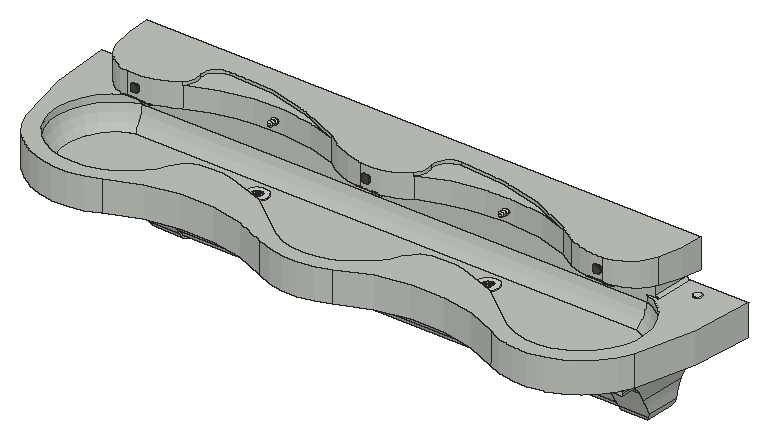
Revit family "Lavatory-Bradley_Corp-Express-MG3", category Plumbing Fixtures, Revit 2012 (continued)
Automatic sketch dimensions
  curve 22 to plane 1 "Center (Front/Back)" = 1.5409"
  curve 40 to curve 22 = 0.76256"
  curve 41 to curve 22 = 0.10475"
  curve 23 to curve 22 = 0.000"
  curve 7 to plane 1 "Center (Front/Back)" = 1.500"
  curve 41 to curve 7 = 0.8829"
  plane 11 to curve 40 = 4.85242"
  curve 40 to curve 9 = 1.89309"
  plane 11 to curve 35 = 3.06452"
  curve 45 to plane 1 "Center (Front/Back)" = 2.500"
  curve 43 to plane 1 "Center (Front/Back)" = 2.500"
  curve 22 to curve 11 = 0.78138"
  Extrusion 1 sketch curve to curve 1 = 13.01224"
  Extrusion 1 sketch curve to Extrusion 1 sketch curve = 0.83444"
  Extrusion 1 sketch curve to Extrusion 1 sketch curve = 1.51939"
  Extrusion 1 sketch curve to Extrusion 1 sketch curve = 4.94377"
  Extrusion 1 sketch curve to Extrusion 1 sketch curve = 3.64691"
  Extrusion 1 sketch curve to Extrusion 1 sketch curve = 2.96196"
  Extrusion 1 sketch curve to Extrusion 1 sketch curve = 1.31804"  (x2)
  Extrusion 1 sketch curve to Extrusion 1 sketch curve = 0.000"  (x5)
  Extrusion 1 sketch curve to curve 1 = 3.96049"
  Extrusion 1 sketch curve to curve 1 = 3.95728"
  Extrusion 1 sketch curve to curve 1 = 3.30187"
  Extrusion 1 sketch curve to curve 1 = 3.30112"
  Extrusion 1 sketch curve to curve 1 = 2.4491"
  Extrusion 1 sketch curve to curve 1 = 1.5409"  (x2)
  Extrusion 1 sketch curve to curve 1 = 1.49012"
  curve 1 to Extrusion 1 sketch curve = 16.53623"  (x2)
  curve 1 to Extrusion 1 sketch curve = 24.02795"
  Extrusion 1 sketch curve to curve 1 = 17.63661"
  Extrusion 1 sketch curve to Extrusion 1 sketch curve = 0.77815"
  curve 1 to Extrusion 1 sketch curve = 3.36339"
  Extrusion 1 sketch curve to Extrusion 1 sketch curve = 5.83523"
  Extrusion 1 sketch curve to curve 1 = 8.49224"
  Extrusion 1 sketch curve to curve 1 = 2.63661"
  Extrusion 1 sketch curve to curve 1 = 1.63661"
  Extrusion 2 sketch curve to plane 1 "Center (Front/Back)" = 0.750"
  Extrusion 2 sketch curve to Extrusion 2 sketch curve = 0.76262"
  Extrusion 2 sketch curve to Extrusion 2 sketch curve = 0.25538"
  Extrusion 2 sketch curve to Extrusion 2 sketch curve = 0.0263"
  plane 6 to Extrusion 2 sketch curve = 2.25352"
  Extrusion 2 sketch curve to Extrusion 2 sketch curve = 3.47673"
  plane 10 to Extrusion 2 sketch curve = 0.000"
  plane 10 to Extrusion 2 sketch curve = 0.750"
  plane 6 to Extrusion 2 sketch curve = 1.750"
  plane 6 to Extrusion 2 sketch curve = 0.500"
  Extrusion 2 sketch curve to Extrusion 2 sketch curve = 2.05769"
  Extrusion 2 sketch curve to Extrusion 2 sketch curve = 0.19231"
  curve 3 to plane 3 "Center (Left/Right)" = 0.000"
  curve 1 to plane 3 "Center (Left/Right)" = 18.52036"
  plane 6 to curve 2 = 1.1652"
  curve 2 to curve 1 = 11.48023"
  plane 3 "Center (Left/Right)" to curve 1 = 16.47964"
  plane 6 to curve 4 = 2.55314"
  curve 4 to plane 8 = 12.00059"
  plane 6 to curve 4 = 1.14859"
  plane 6 to curve 3 = 1.16525"
  curve 2 to curve 2 = 1.38794"
  curve 3 to curve 3 = 1.42242"
  Extrusion 3 sketch curve to curve 1 = 0.39364"  (x2)
  Extrusion 3 sketch curve to curve 1 = 15.86454"
  Extrusion 3 sketch curve to Extrusion 3 sketch curve = 0.03836"
  Extrusion 3 sketch curve to Extrusion 3 sketch curve = 0.6136"  (x2)
  Extrusion 3 sketch curve to Extrusion 3 sketch curve = 0.64155"
  Extrusion 3 sketch curve to curve 1 = 1.32853"
  curve 1 to Extrusion 3 sketch curve = 16.86821"
  Extrusion 3 sketch curve to Extrusion 3 sketch curve = 0.02795"
  Extrusion 3 sketch curve to Extrusion 3 sketch curve = 0.35714"
  Extrusion 3 sketch curve to Extrusion 3 sketch curve = 0.9349"
  Extrusion 3 sketch curve to Extrusion 3 sketch curve = 0.5455"
  Extrusion 4 sketch curve to plane 1 "Center (Front/Back)" = 4.72881"
  plane 9 to Extrusion 4 sketch curve = 15.29413"
  Extrusion 4 sketch curve to Extrusion 4 sketch curve = 1.47211"
  Extrusion 4 sketch curve to Extrusion 4 sketch curve = 1.95345"
  Extrusion 4 sketch curve to Extrusion 4 sketch curve = 0.000"  (x4)
  Extrusion 4 sketch curve to Extrusion 4 sketch curve = 1.84951"  (x2)
  Extrusion 4 sketch curve to Extrusion 4 sketch curve = 0.05564"  (x2)
  Extrusion 4 sketch curve to plane 11 = 13.02695"
  Extrusion 4 sketch curve to plane 3 "Center (Left/Right)" = 22.0126"
  Extrusion 4 sketch curve to plane 11 = 5.53623"  (x2)
  Extrusion 4 sketch curve to Extrusion 4 sketch curve = 6.85563"  (x2)
  plane 3 "Center (Left/Right)" to Extrusion 4 sketch curve = 3.29442"
  Extrusion 4 sketch curve to Extrusion 4 sketch curve = 1.47329"
  Extrusion 4 sketch curve to Extrusion 4 sketch curve = 1.95317"
  plane 3 "Center (Left/Right)" to Extrusion 4 sketch curve = 7.9874"
  Extrusion 4 sketch curve to plane 1 "Center (Front/Back)" = 3.96049"
  Extrusion 4 sketch curve to Extrusion 4 sketch curve = 16.34748"
  Extrusion 5 sketch curve to Extrusion 5 sketch curve = 0.000"  (x12)
  Extrusion 5 sketch curve to curve 1 = 10.99738"
  Extrusion 5 sketch curve to curve 1 = 10.99334"
  Extrusion 5 sketch curve to curve 1 = 5.98199"
  Extrusion 5 sketch curve to Extrusion 5 sketch curve = 0.05386"
  Extrusion 5 sketch curve to curve 1 = 1.64012"
  curve 1 to Extrusion 5 sketch curve = 0.30755"
  curve 1 to Extrusion 5 sketch curve = 0.31415"
  Extrusion 5 sketch curve to Extrusion 5 sketch curve = 0.49261"
  curve 1 to Extrusion 5 sketch curve = 0.86485"
  Extrusion 5 sketch curve to Extrusion 5 sketch curve = 0.00072"
  Extrusion 5 sketch curve to Extrusion 5 sketch curve = 0.55834"
  Extrusion 5 sketch curve to Extrusion 5 sketch curve = 0.34499"
  Extrusion 5 sketch curve to Extrusion 5 sketch curve = 0.37828"
  curve 1 to Extrusion 5 sketch curve = 1.3905"
  curve 1 to Extrusion 5 sketch curve = 1.42462"
  curve 1 to Extrusion 5 sketch curve = 1.62174"  (x2)
  Extrusion 5 sketch curve to Extrusion 5 sketch curve = 0.964"
  Extrusion 5 sketch curve to Extrusion 5 sketch curve = 1.00136"
  curve 1 to Extrusion 5 sketch curve = 3.24354"  (x2)
  curve 1 to Extrusion 5 sketch curve = 4.2011"
  curve 1 to Extrusion 5 sketch curve = 4.28147"
  curve 1 to Extrusion 5 sketch curve = 4.28398"
  Extrusion 5 sketch curve to Extrusion 5 sketch curve = 2.02188"
  Extrusion 5 sketch curve to Extrusion 5 sketch curve = 2.17396"
  Extrusion 5 sketch curve to Extrusion 5 sketch curve = 2.30968"
  Extrusion 5 sketch curve to Extrusion 5 sketch curve = 1.86611"
  Extrusion 5 sketch curve to Extrusion 5 sketch curve = 1.83341"
  Extrusion 5 sketch curve to Extrusion 5 sketch curve = 3.40207"
  Extrusion 5 sketch curve to Extrusion 5 sketch curve = 4.56507"  (x2)
  Extrusion 5 sketch curve to Extrusion 5 sketch curve = 3.43223"
  curve 1 to Extrusion 5 sketch curve = 7.93548"  (x2)
  Extrusion 5 sketch curve to Extrusion 5 sketch curve = 1.31286"
  Extrusion 5 sketch curve to Extrusion 5 sketch curve = 2.01968"
  Extrusion 5 sketch curve to Extrusion 5 sketch curve = 2.02054"
  Extrusion 5 sketch curve to Extrusion 5 sketch curve = 2.02088"
  Extrusion 5 sketch curve to Extrusion 5 sketch curve = 3.26046"
  curve 1 to Extrusion 5 sketch curve = 10.42325"  (x2)
  curve 1 to Extrusion 5 sketch curve = 29.29574"
  curve 1 to Extrusion 5 sketch curve = 29.29634"
  Extrusion 5 sketch curve to Extrusion 5 sketch curve = 5.74908"
  curve 1 to Extrusion 5 sketch curve = 35.04481"
  curve 1 to Extrusion 5 sketch curve = 54.64779"  (x2)
  Extrusion 5 sketch curve to curve 1 = 23.47954"
  Extrusion 5 sketch curve to Extrusion 5 sketch curve = 2.49612"
  Extrusion 5 sketch curve to Extrusion 5 sketch curve = 6.17004"
  Extrusion 5 sketch curve to Extrusion 5 sketch curve = 5.08265"
  Extrusion 5 sketch curve to curve 1 = 12.1249"
  Extrusion 5 sketch curve to Extrusion 5 sketch curve = 0.14358"
  Extrusion 5 sketch curve to curve 1 = 11.31008"
  Extrusion 5 sketch curve to curve 1 = 2.36429"
  Extrusion 5 sketch curve to curve 1 = 0.88772"
  Extrusion 5 sketch curve to Extrusion 5 sketch curve = 12.00003"
  Extrusion 5 sketch curve to Extrusion 5 sketch curve = 1.11363"
  curve 1 to Extrusion 5 sketch curve = 17.8751"
  Extrusion 5 sketch curve to Extrusion 5 sketch curve = 14.83044"
  Extrusion 5 sketch curve to Extrusion 5 sketch curve = 1.1704"
  Extrusion 5 sketch curve to Extrusion 5 sketch curve = 1.60315"
  Extrusion 5 sketch curve to Extrusion 5 sketch curve = 0.01727"
  Extrusion 6 sketch curve to curve 1 = 10.99738"
  Extrusion 6 sketch curve to curve 1 = 10.99334"
  curve 1 to Extrusion 6 sketch curve = 0.80676"
  curve 1 to Extrusion 6 sketch curve = 0.86485"
  curve 1 to Extrusion 6 sketch curve = 0.86588"
  curve 1 to Extrusion 6 sketch curve = 4.28147"
  curve 1 to Extrusion 6 sketch curve = 4.28398"
  curve 1 to Extrusion 6 sketch curve = 9.82829"
  Extrusion 6 sketch curve to Extrusion 6 sketch curve = 0.000"  (x4)
  curve 1 to Extrusion 6 sketch curve = 9.82915"
  Extrusion 6 sketch curve to Extrusion 6 sketch curve = 0.00034"
  curve 1 to Extrusion 6 sketch curve = 9.82953"
  curve 1 to Extrusion 6 sketch curve = 29.29574"
  curve 1 to Extrusion 6 sketch curve = 29.29634"
  Extrusion 6 sketch curve to curve 1 = 23.47954"
  Extrusion 6 sketch curve to Extrusion 6 sketch curve = 2.49612"
  Extrusion 6 sketch curve to Extrusion 6 sketch curve = 9.53592"
  Extrusion 6 sketch curve to Extrusion 6 sketch curve = 12.00003"
  Sweep 7 sketch curve to Sweep 7 sketch curve = 0.000"  (x8)
  Sweep 7 sketch curve to curve 1 = 5.98199"
  Sweep 7 sketch curve to Sweep 7 sketch curve = 0.05386"
  Sweep 7 sketch curve to curve 1 = 1.64012"
  curve 1 to Sweep 7 sketch curve = 0.30755"
  curve 1 to Sweep 7 sketch curve = 0.31415"
  curve 1 to Sweep 7 sketch curve = 0.86557"
  Sweep 7 sketch curve to Sweep 7 sketch curve = 0.34428"
  Sweep 7 sketch curve to Sweep 7 sketch curve = 0.93661"
  curve 1 to Sweep 7 sketch curve = 1.3905"
  curve 1 to Sweep 7 sketch curve = 1.42462"
  curve 1 to Sweep 7 sketch curve = 1.62174"  (x2)
  Sweep 7 sketch curve to Sweep 7 sketch curve = 0.964"
  Sweep 7 sketch curve to Sweep 7 sketch curve = 1.00136"
  curve 1 to Sweep 7 sketch curve = 3.24354"  (x2)
  curve 1 to Sweep 7 sketch curve = 4.2011"
  Sweep 7 sketch curve to Sweep 7 sketch curve = 2.02188"
  Sweep 7 sketch curve to Sweep 7 sketch curve = 2.17396"
  Sweep 7 sketch curve to Sweep 7 sketch curve = 2.30968"
  curve 1 to Sweep 7 sketch curve = 6.14758"
  Sweep 7 sketch curve to Sweep 7 sketch curve = 1.83341"
  Sweep 7 sketch curve to Sweep 7 sketch curve = 6.44189"
  Sweep 7 sketch curve to Sweep 7 sketch curve = 4.56507"  (x2)
  Sweep 7 sketch curve to Sweep 7 sketch curve = 3.43223"
  curve 1 to Sweep 7 sketch curve = 7.93548"  (x2)
  Sweep 7 sketch curve to Sweep 7 sketch curve = 1.31286"
  curve 1 to Sweep 7 sketch curve = 10.42325"  (x2)
  curve 1 to Sweep 7 sketch curve = 35.04481"  (x2)
  curve 1 to Sweep 7 sketch curve = 54.64779"  (x2)
  Sweep 7 sketch curve to curve 1 = 17.3095"
  Sweep 7 sketch curve to Sweep 7 sketch curve = 1.40873"
  Sweep 7 sketch curve to curve 1 = 12.1249"
  Sweep 7 sketch curve to curve 1 = 11.31008"
  Sweep 7 sketch curve to curve 1 = 2.36429"
  Sweep 7 sketch curve to curve 1 = 0.88772"
  Sweep 7 sketch curve to Sweep 7 sketch curve = 3.21048"
  curve 1 to Sweep 7 sketch curve = 17.8751"
  Sweep 7 sketch curve to curve 1 = 16.31007"
  Sweep 7 sketch curve to Sweep 7 sketch curve = 1.1704"
  Sweep 7 sketch curve to Sweep 7 sketch curve = 1.60315"
  Sweep 7 sketch curve to Sweep 7 sketch curve = 4.27553"
  profile plane to Sweep 7 sketch curve = 0.07164"
  Sweep 7 sketch curve to profile plane = 1.67836"
  curve 1 to Extrusion 8 sketch curve = 3.97351"
  Extrusion 8 sketch curve to curve 1 = 20.60845"
  Extrusion 8 sketch curve to Extrusion 8 sketch curve = 0.250"  (x2)
  Extrusion 8 sketch curve to Extrusion 8 sketch curve = 0.54351"  (x2)
  curve 1 to Extrusion 8 sketch curve = 4.47351"
  Extrusion 8 sketch curve to Extrusion 8 sketch curve = 7.48173"  (x2)
  curve 1 to Extrusion 8 sketch curve = 14.37392"
  Extrusion 9 sketch curve to plane 4 = 0.000"
  Extrusion 9 sketch curve to plane 10 = 2.18677"
  Extrusion 9 sketch curve to Extrusion 9 sketch curve = 0.31799"
  plane 4 to Extrusion 9 sketch curve = 1.12227"
  Extrusion 9 sketch curve to Extrusion 9 sketch curve = 1.66384"
  Extrusion 9 sketch curve to plane 1 "Center (Front/Back)" = 3.14326"
  Extrusion 9 sketch curve to Extrusion 9 sketch curve = 0.000"  (x2)
  plane 1 "Center (Front/Back)" to Extrusion 9 sketch curve = 2.06205"
  plane 5 to Extrusion 9 sketch curve = 0.73419"
  plane 1 "Center (Front/Back)" to Extrusion 9 sketch curve = 2.36538"
  Extrusion 9 sketch curve to Extrusion 9 sketch curve = 1.96071"
  Extrusion 9 sketch curve to plane 5 = 0.47325"
  Extrusion 9 sketch curve to Extrusion 9 sketch curve = 0.84716"
  plane 11 to Extrusion 9 sketch curve = 2.00758"
  plane 11 to Extrusion 9 sketch curve = 0.92634"
  Extrusion 9 sketch curve to plane 11 = 6.53219"
  Extrusion 10 sketch curve to plane 4 = 0.000"
  Extrusion 10 sketch curve to plane 4 = 1.7467"
  Extrusion 10 sketch curve to plane 9 = 7.96969"
  plane 4 to Extrusion 10 sketch curve = 0.39748"
  Extrusion 10 sketch curve to plane 9 = 1.94893"
  Extrusion 10 sketch curve to plane 5 = 0.47325"
  plane 9 to Extrusion 10 sketch curve = 1.9446"
  Extrusion 10 sketch curve to Extrusion 10 sketch curve = 2.000"
  Extrusion 10 sketch curve to plane 5 = 3.09775"
  Extrusion 10 sketch curve to Extrusion 10 sketch curve = 2.37739"
  Extrusion 10 sketch curve to Extrusion 10 sketch curve = 0.000"  (x2)
  plane 4 to Extrusion 10 sketch curve = 1.62469"
  plane 4 to Extrusion 10 sketch curve = 0.25803"
  Extrusion 10 sketch curve to Extrusion 10 sketch curve = 1.01533"
  Extrusion 10 sketch curve to Extrusion 10 sketch curve = 0.84398"
  plane 4 to Extrusion 10 sketch curve = 2.01899"
  Extrusion 11 sketch curve to plane 4 = 0.000"
  Extrusion 11 sketch curve to plane 10 = 0.000"
  Extrusion 11 sketch curve to plane 10 = 2.18677"
  Extrusion 11 sketch curve to Extrusion 11 sketch curve = 0.31799"
  plane 4 to Extrusion 11 sketch curve = 1.12227"
  Extrusion 11 sketch curve to Extrusion 11 sketch curve = 1.66384"
  Extrusion 11 sketch curve to plane 1 "Center (Front/Back)" = 3.14326"
  Extrusion 11 sketch curve to Extrusion 11 sketch curve = 0.000"  (x2)
  plane 1 "Center (Front/Back)" to Extrusion 11 sketch curve = 2.06205"
  plane 5 to Extrusion 11 sketch curve = 0.73419"
  plane 1 "Center (Front/Back)" to Extrusion 11 sketch curve = 2.36538"
  Extrusion 11 sketch curve to Extrusion 11 sketch curve = 1.96071"
  Extrusion 11 sketch curve to plane 5 = 0.47325"
  Extrusion 11 sketch curve to Extrusion 11 sketch curve = 0.84716"
  plane 11 to Extrusion 11 sketch curve = 2.00758"
  plane 11 to Extrusion 11 sketch curve = 0.92634"
  Extrusion 11 sketch curve to plane 11 = 6.53219"
  Extrusion 12 sketch curve to plane 4 = 0.000"
  plane 4 to Extrusion 12 sketch curve = 1.7467"
  Extrusion 12 sketch curve to plane 8 = 7.96969"
  Extrusion 12 sketch curve to plane 4 = 0.39748"
  Extrusion 12 sketch curve to plane 8 = 1.94893"
  plane 5 to Extrusion 12 sketch curve = 0.47325"
  plane 8 to Extrusion 12 sketch curve = 1.9446"
  Extrusion 12 sketch curve to Extrusion 12 sketch curve = 2.000"
  plane 5 to Extrusion 12 sketch curve = 3.09775"
  Extrusion 12 sketch curve to Extrusion 12 sketch curve = 2.37739"
  Extrusion 12 sketch curve to Extrusion 12 sketch curve = 0.000"  (x2)
  Extrusion 12 sketch curve to plane 4 = 1.62469"
  Extrusion 12 sketch curve to plane 4 = 0.25803"
  Extrusion 12 sketch curve to Extrusion 12 sketch curve = 1.01533"
  Extrusion 12 sketch curve to Extrusion 12 sketch curve = 0.84398"
  Extrusion 12 sketch curve to plane 4 = 2.01899"
  plane 4 to Extrusion 13 sketch curve = 0.200"
  Extrusion 13 sketch curve to Extrusion 13 sketch curve = 1.88307"
  Extrusion 13 sketch curve to Extrusion 13 sketch curve = 0.3037"
  plane 4 to Extrusion 13 sketch curve = 1.4339"
  Extrusion 13 sketch curve to Extrusion 13 sketch curve = 1.91522"
  Extrusion 13 sketch curve to plane 1 "Center (Front/Back)" = 3.28328"
  Extrusion 13 sketch curve to Extrusion 13 sketch curve = 0.000"  (x2)
  plane 1 "Center (Front/Back)" to Extrusion 13 sketch curve = 1.98209"
  plane 5 to Extrusion 13 sketch curve = 0.73419"
  plane 1 "Center (Front/Back)" to Extrusion 13 sketch curve = 2.36538"
  Extrusion 13 sketch curve to Extrusion 13 sketch curve = 0.64419"
  Extrusion 13 sketch curve to plane 5 = 0.47351"
  Extrusion 13 sketch curve to Extrusion 13 sketch curve = 2.01944"
  plane 11 to Extrusion 13 sketch curve = 2.00758"
  plane 11 to Extrusion 13 sketch curve = 0.92634"
  Extrusion 13 sketch curve to plane 11 = 6.53219"
  Extrusion 14 sketch curve to curve 1 = 11.97964"
  Extrusion 14 sketch curve to Extrusion 14 sketch curve = 0.320"  (x9)
  Extrusion 14 sketch curve to Extrusion 14 sketch curve = 0.360"  (x8)
  Extrusion 14 sketch curve to curve 1 = 4.14627"
  Extrusion 14 sketch curve to curve 1 = 16.97964"
  Extrusion 14 sketch curve to curve 1 = 3.78627"
  curve 1 to Extrusion 14 sketch curve = 13.02036"
  Extrusion 14 sketch curve to Extrusion 14 sketch curve = 0.680"
  Extrusion 14 sketch curve to curve 1 = 3.46627"
  Revolve 16 sketch curve to curve 2 = 0.06506"
  Revolve 16 sketch curve to Revolve 16 sketch curve = 0.000"  (x4)
  Revolve 16 sketch curve to curve 2 = 0.04309"
  Revolve 16 sketch curve to curve 2 = 0.02649"
  Revolve 16 sketch curve to curve 2 = 0.01309"
  curve 2 to Revolve 16 sketch curve = 0.12675"
  curve 2 to Revolve 16 sketch curve = 0.44117"
  Revolve 16 sketch curve to curve 2 = 0.36848"
  Revolve 16 sketch curve to curve 2 = 0.33169"
  Revolve 16 sketch curve to curve 2 = 0.07988"
  curve 2 to Revolve 16 sketch curve = 0.35776"
  Revolve 16 sketch curve to curve 2 = 5.61132"
  Revolve 16 sketch curve to Revolve 16 sketch curve = 0.39806"
  Revolve 16 sketch curve to curve 2 = 3.63916"
  Revolve 17 sketch curve to curve 3 = 0.06511"
  Revolve 17 sketch curve to Revolve 17 sketch curve = 0.000"  (x4)
  Revolve 17 sketch curve to curve 3 = 0.04315"
  Revolve 17 sketch curve to curve 3 = 0.02654"
  Revolve 17 sketch curve to curve 3 = 0.01315"
  curve 3 to Revolve 17 sketch curve = 0.1267"
  curve 3 to Revolve 17 sketch curve = 0.44112"
  Revolve 17 sketch curve to curve 3 = 0.37411"
  Revolve 17 sketch curve to curve 3 = 0.36622"
  curve 3 to Revolve 17 sketch curve = 0.00089"
  curve 3 to Revolve 17 sketch curve = 0.32324"
  Revolve 17 sketch curve to curve 3 = 5.61132"
  Revolve 17 sketch curve to Revolve 17 sketch curve = 0.39806"
  Revolve 17 sketch curve to curve 3 = 3.63916"
  Revolve 18 sketch curve to curve 4 = 0.04845"
  Revolve 18 sketch curve to Revolve 18 sketch curve = 0.000"  (x2)
  Revolve 18 sketch curve to curve 4 = 0.02649"
  Revolve 18 sketch curve to curve 4 = 0.00988"
  curve 4 to Revolve 18 sketch curve = 0.00351"
  curve 4 to Revolve 18 sketch curve = 0.14335"
  curve 4 to Revolve 18 sketch curve = 0.45777"
  Revolve 18 sketch curve to curve 4 = 0.33169"
  Revolve 18 sketch curve to curve 4 = 0.30787"
  curve 4 to Revolve 18 sketch curve = 0.10177"
  curve 4 to Revolve 18 sketch curve = 0.35776"
  Revolve 18 sketch curve to curve 4 = 5.61132"
  Revolve 18 sketch curve to Revolve 18 sketch curve = 0.39806"
  Revolve 18 sketch curve to curve 4 = 3.63916"
  Extrusion 19 sketch curve to Extrusion 19 sketch curve = 0.000"  (x4)
  Extrusion 19 sketch curve to plane 1 "Center (Front/Back)" = 2.5775"  (x4)
  Extrusion 19 sketch curve to plane 3 "Center (Left/Right)" = 15.61887"
  Extrusion 19 sketch curve to plane 1 "Center (Front/Back)" = 2.28324"  (x4)
  Extrusion 19 sketch curve to Extrusion 19 sketch curve = 0.00796"  (x2)
  Extrusion 19 sketch curve to plane 1 "Center (Front/Back)" = 2.44135"  (x2)
  Extrusion 19 sketch curve to Extrusion 19 sketch curve = 0.01779"  (x2)
  Extrusion 19 sketch curve to plane 1 "Center (Front/Back)" = 2.73432"  (x2)
  Extrusion 19 sketch curve to Extrusion 19 sketch curve = 0.02911"  (x2)
  Extrusion 19 sketch curve to plane 1 "Center (Front/Back)" = 2.85968"  (x2)
  Extrusion 19 sketch curve to Extrusion 19 sketch curve = 0.09584"  (x2)
  Extrusion 19 sketch curve to plane 1 "Center (Front/Back)" = 2.5501"  (x2)
  Extrusion 19 sketch curve to Extrusion 19 sketch curve = 0.14564"  (x2)
  Extrusion 19 sketch curve to plane 1 "Center (Front/Back)" = 2.18763"  (x2)
  Extrusion 19 sketch curve to Extrusion 19 sketch curve = 0.1444"  (x2)
  Extrusion 19 sketch curve to plane 1 "Center (Front/Back)" = 2.03402"  (x2)
  Extrusion 19 sketch curve to Extrusion 19 sketch curve = 0.00053"  (x2)
  Extrusion 19 sketch curve to plane 1 "Center (Front/Back)" = 2.27319"  (x2)
  Extrusion 19 sketch curve to Extrusion 19 sketch curve = 0.00414"  (x2)
  Extrusion 19 sketch curve to plane 1 "Center (Front/Back)" = 2.4322"  (x2)
  Extrusion 19 sketch curve to Extrusion 19 sketch curve = 0.02148"  (x2)
  Extrusion 19 sketch curve to plane 1 "Center (Front/Back)" = 2.70789"  (x2)
  Extrusion 19 sketch curve to Extrusion 19 sketch curve = 0.14559"  (x2)
  Extrusion 19 sketch curve to plane 1 "Center (Front/Back)" = 2.99554"  (x2)
  Extrusion 19 sketch curve to Extrusion 19 sketch curve = 0.08243"  (x2)
  Extrusion 19 sketch curve to plane 1 "Center (Front/Back)" = 2.43561"  (x2)
  Extrusion 19 sketch curve to Extrusion 19 sketch curve = 0.0638"  (x2)
  Extrusion 19 sketch curve to plane 1 "Center (Front/Back)" = 2.78223"  (x2)
  Extrusion 19 sketch curve to Extrusion 19 sketch curve = 0.07757"  (x2)
  Extrusion 19 sketch curve to plane 1 "Center (Front/Back)" = 2.58917"  (x2)
  Extrusion 19 sketch curve to Extrusion 19 sketch curve = 0.11055"  (x2)
  Extrusion 19 sketch curve to plane 1 "Center (Front/Back)" = 2.03345"  (x2)
  Extrusion 19 sketch curve to Extrusion 19 sketch curve = 0.15358"  (x2)
  Extrusion 19 sketch curve to plane 1 "Center (Front/Back)" = 2.18816"  (x2)
  Extrusion 19 sketch curve to Extrusion 19 sketch curve = 0.15466"  (x2)
  Extrusion 19 sketch curve to plane 1 "Center (Front/Back)" = 2.91922"  (x2)
  Extrusion 19 sketch curve to Extrusion 19 sketch curve = 0.12728"  (x2)
  Extrusion 19 sketch curve to plane 1 "Center (Front/Back)" = 2.41077"  (x2)
  Extrusion 19 sketch curve to Extrusion 19 sketch curve = 0.15054"  (x2)
  Extrusion 19 sketch curve to plane 1 "Center (Front/Back)" = 3.09868"  (x2)
  Extrusion 19 sketch curve to Extrusion 19 sketch curve = 0.05621"  (x2)
  Extrusion 19 sketch curve to plane 1 "Center (Front/Back)" = 2.03765"  (x2)
  Extrusion 19 sketch curve to Extrusion 19 sketch curve = 0.0856"  (x2)
  Extrusion 19 sketch curve to plane 1 "Center (Front/Back)" = 1.88909"  (x2)
  Extrusion 19 sketch curve to Extrusion 19 sketch curve = 0.01004"  (x2)
  Extrusion 19 sketch curve to plane 1 "Center (Front/Back)" = 2.951"  (x2)
  Extrusion 19 sketch curve to Extrusion 19 sketch curve = 0.06811"  (x2)
  Extrusion 19 sketch curve to plane 1 "Center (Front/Back)" = 2.56442"  (x2)
  Extrusion 19 sketch curve to Extrusion 19 sketch curve = 0.1506"  (x2)
  Extrusion 19 sketch curve to plane 1 "Center (Front/Back)" = 2.86257"  (x2)
  Extrusion 19 sketch curve to Extrusion 19 sketch curve = 0.12685"  (x2)
  Extrusion 19 sketch curve to plane 1 "Center (Front/Back)" = 2.26261"  (x2)
  Extrusion 19 sketch curve to Extrusion 19 sketch curve = 0.14819"  (x2)
  Extrusion 19 sketch curve to plane 1 "Center (Front/Back)" = 3.11218"  (x2)
  Extrusion 19 sketch curve to Extrusion 19 sketch curve = 0.15865"  (x2)
  Extrusion 19 sketch curve to plane 1 "Center (Front/Back)" = 2.04824"  (x2)
  Extrusion 19 sketch curve to Extrusion 19 sketch curve = 0.15899"  (x2)
  Extrusion 19 sketch curve to plane 1 "Center (Front/Back)" = 2.11205"  (x2)
  Extrusion 19 sketch curve to Extrusion 19 sketch curve = 0.00342"  (x2)
  Extrusion 19 sketch curve to plane 1 "Center (Front/Back)" = 2.71197"  (x2)
  Extrusion 19 sketch curve to Extrusion 19 sketch curve = 0.02496"  (x2)
  Extrusion 19 sketch curve to plane 1 "Center (Front/Back)" = 1.89888"  (x2)
  Extrusion 19 sketch curve to Extrusion 19 sketch curve = 0.00912"  (x2)
  Extrusion 19 sketch curve to plane 1 "Center (Front/Back)" = 2.96416"  (x2)
  Extrusion 19 sketch curve to Extrusion 19 sketch curve = 0.0328"  (x2)
  Extrusion 19 sketch curve to Extrusion 19 sketch curve = 0.06429"  (x2)
  Extrusion 19 sketch curve to plane 1 "Center (Front/Back)" = 2.97404"  (x2)
  Extrusion 19 sketch curve to Extrusion 19 sketch curve = 0.10603"  (x2)
  Extrusion 19 sketch curve to plane 1 "Center (Front/Back)" = 2.02672"  (x2)
  Extrusion 19 sketch curve to Extrusion 19 sketch curve = 0.11787"  (x2)
  Extrusion 19 sketch curve to plane 1 "Center (Front/Back)" = 2.88803"  (x2)
  Extrusion 19 sketch curve to Extrusion 19 sketch curve = 0.01468"  (x2)
  Extrusion 19 sketch curve to plane 1 "Center (Front/Back)" = 2.28791"  (x2)
  Extrusion 19 sketch curve to Extrusion 19 sketch curve = 0.15364"  (x2)
  Extrusion 19 sketch curve to plane 1 "Center (Front/Back)" = 1.88113"  (x2)
  Extrusion 19 sketch curve to Extrusion 19 sketch curve = 0.13619"  (x2)
  Extrusion 19 sketch curve to plane 1 "Center (Front/Back)" = 3.11941"  (x2)
  Extrusion 19 sketch curve to Extrusion 19 sketch curve = 0.14758"  (x2)
  Extrusion 19 sketch curve to plane 1 "Center (Front/Back)" = 2.13731"  (x2)
  Extrusion 19 sketch curve to Extrusion 19 sketch curve = 0.03911"  (x2)
  Extrusion 19 sketch curve to plane 1 "Center (Front/Back)" = 2.73753"  (x2)
  Extrusion 19 sketch curve to Extrusion 19 sketch curve = 0.02506"  (x2)
  Extrusion 19 sketch curve to plane 1 "Center (Front/Back)" = 2.9436"  (x2)
  Extrusion 19 sketch curve to Extrusion 19 sketch curve = 0.14288"  (x2)
  Extrusion 19 sketch curve to plane 1 "Center (Front/Back)" = 2.05584"  (x2)
  Extrusion 19 sketch curve to Extrusion 19 sketch curve = 0.11869"  (x2)
  Extrusion 19 sketch curve to plane 1 "Center (Front/Back)" = 2.43638"  (x2)
  Extrusion 19 sketch curve to Extrusion 19 sketch curve = 0.14707"  (x2)
  Extrusion 19 sketch curve to plane 1 "Center (Front/Back)" = 1.91027"  (x2)
  Extrusion 19 sketch curve to Extrusion 19 sketch curve = 0.02648"  (x2)
  Extrusion 19 sketch curve to plane 1 "Center (Front/Back)" = 3.08895"  (x2)
  Extrusion 19 sketch curve to Extrusion 19 sketch curve = 0.02769"  (x2)
  Extrusion 19 sketch curve to plane 1 "Center (Front/Back)" = 2.58979"  (x2)
  Extrusion 19 sketch curve to Extrusion 19 sketch curve = 0.02672"  (x2)
  Extrusion 19 sketch curve to plane 1 "Center (Front/Back)" = 2.8428"  (x2)
  Extrusion 19 sketch curve to Extrusion 19 sketch curve = 0.08301"  (x2)
  Extrusion 19 sketch curve to plane 1 "Center (Front/Back)" = 2.15816"  (x2)
  Extrusion 19 sketch curve to Extrusion 19 sketch curve = 0.08275"  (x2)
  Extrusion 19 sketch curve to plane 1 "Center (Front/Back)" = 2.01478"  (x2)
  Extrusion 19 sketch curve to Extrusion 19 sketch curve = 0.13002"  (x2)
  Extrusion 19 sketch curve to plane 1 "Center (Front/Back)" = 2.9857"  (x2)
  Extrusion 19 sketch curve to Extrusion 19 sketch curve = 0.13164"  (x2)
  Extrusion 19 sketch curve to plane 1 "Center (Front/Back)" = 2.41028"  (x2)
  Extrusion 19 sketch curve to Extrusion 19 sketch curve = 0.15038"  (x2)
  Extrusion 19 sketch curve to plane 1 "Center (Front/Back)" = 2.56358"  (x2)
  Extrusion 19 sketch curve to Extrusion 19 sketch curve = 0.15032"  (x2)
  Extrusion 19 sketch curve to plane 1 "Center (Front/Back)" = 2.79277"  (x2)
  Extrusion 19 sketch curve to Extrusion 19 sketch curve = 0.15013"  (x2)
  Extrusion 19 sketch curve to plane 1 "Center (Front/Back)" = 2.20673"  (x2)
  Extrusion 19 sketch curve to Extrusion 19 sketch curve = 0.15057"  (x2)
  Extrusion 19 sketch curve to plane 1 "Center (Front/Back)" = 2.70785"  (x2)
  Extrusion 19 sketch curve to Extrusion 19 sketch curve = 0.00388"  (x2)
  Extrusion 19 sketch curve to plane 1 "Center (Front/Back)" = 2.43219"  (x2)
  Extrusion 19 sketch curve to Extrusion 19 sketch curve = 0.08988"  (x2)
  Extrusion 19 sketch curve to plane 1 "Center (Front/Back)" = 2.2732"  (x2)
  Extrusion 19 sketch curve to Extrusion 19 sketch curve = 0.02119"  (x2)
  Extrusion 19 sketch curve to plane 1 "Center (Front/Back)" = 2.55006"  (x2)
  Extrusion 19 sketch curve to Extrusion 19 sketch curve = 0.08475"  (x2)
  Extrusion 19 sketch curve to plane 1 "Center (Front/Back)" = 2.06394"  (x2)
  Extrusion 19 sketch curve to Extrusion 19 sketch curve = 0.04601"  (x2)
  Extrusion 19 sketch curve to plane 1 "Center (Front/Back)" = 2.93506"  (x2)
  Extrusion 19 sketch curve to Extrusion 19 sketch curve = 0.04737"  (x2)
  Extrusion 19 sketch curve to plane 1 "Center (Front/Back)" = 2.73433"  (x2)
  Extrusion 19 sketch curve to Extrusion 19 sketch curve = 0.14557"  (x2)
  Extrusion 19 sketch curve to plane 1 "Center (Front/Back)" = 2.44131"  (x2)
  Extrusion 19 sketch curve to Extrusion 19 sketch curve = 0.14936"  (x2)
  Extrusion 19 sketch curve to Extrusion 19 sketch curve = 0.14855"  (x2)
  Extrusion 19 sketch curve to Extrusion 19 sketch curve = 0.01774"  (x2)
  plane 3 "Center (Left/Right)" to Extrusion 19 sketch curve = 14.38113"
  Extrusion 19 sketch curve to Extrusion 19 sketch curve = 0.06362"  (x2)
  Extrusion 20 sketch curve to plane 5 = 3.500"
  Extrusion 20 sketch curve to plane 3 "Center (Left/Right)" = 4.000"
  Extrusion 21 sketch curve to plane 5 = 3.500"
  plane 3 "Center (Left/Right)" to Extrusion 21 sketch curve = 2.750"
  Extrusion 22 sketch curve to plane 5 = 5.500"
  plane 3 "Center (Left/Right)" to Extrusion 22 sketch curve = 12.000"
  plane 4 to Extrusion 23 sketch curve = 5.250"
  Extrusion 23 sketch curve to Extrusion 23 sketch curve = 1.250"
  Extrusion 25 sketch curve to Extrusion 25 sketch curve = 1.71119"
  Extrusion 27 sketch curve to plane 10 = 0.000"
  plane 6 to Extrusion 27 sketch curve = 2.36943"
  Extrusion 27 sketch curve to Extrusion 27 sketch curve = 5.01801"
  Extrusion 28 sketch curve to plane 1 "Center (Front/Back)" = 1.500"
  plane 6 to Extrusion 28 sketch curve = 1.750"
  Extrusion 29 sketch curve to Extrusion 29 sketch curve = 2.50476"
  plane 11 to Extrusion 29 sketch curve = 5.28138"
  plane 9 to Masking region 2 sketch curve = 0.00018"
  plane 9 to Masking region 2 sketch curve = 2.49623"
  plane 1 "Center (Front/Back)" to Masking region 2 sketch curve = 0.86594"
  Masking region 2 sketch curve to Masking region 2 sketch curve = 9.53582"
  plane 11 to Masking region 2 sketch curve = 1.17045"
  Masking region 2 sketch curve to Masking region 2 sketch curve = 4.71915"
  Masking region 2 sketch curve to Masking region 2 sketch curve = 0.000"  (x3)
  Masking region 2 sketch curve to plane 3 "Center (Left/Right)" = 14.99995"
  Masking region 2 sketch curve to plane 10 = 0.00125"
  Masking region 2 sketch curve to plane 3 "Center (Left/Right)" = 6.00006"
  plane 11 to Masking region 2 sketch curve = 1.17058"
  Masking region 2 sketch curve to plane 3 "Center (Left/Right)" = 0.00123"
  plane 11 to Masking region 2 sketch curve = 1.17097"
  plane 3 "Center (Left/Right)" to Masking region 2 sketch curve = 4.74961"
  Masking region 2 sketch curve to plane 10 = 0.00715"
  plane 3 "Center (Left/Right)" to Masking region 2 sketch curve = 15.00006"
  plane 11 to Masking region 2 sketch curve = 1.17196"
  plane 1 "Center (Front/Back)" to Masking region 2 sketch curve = 0.86458"
  Masking region 2 sketch curve to plane 8 = 2.49635"
  curve 4 to Masking region 3 sketch curve = 0.60141"
  Masking region 3 sketch curve to Masking region 3 sketch curve = 2.50476"
  Masking region 3 sketch curve to curve 4 = 5.98199"
  curve 4 to Masking region 3 sketch curve = 1.500"
  curve 4 to Masking region 3 sketch curve = 5.71862"
  curve 48 to curve 46 = 0.47351"
  curve 4 to curve 50 = 0.60141"
  curve 49 to curve 4 = 0.36736"
  curve 47 to curve 4 = 11.000"
  curve 49 to curve 4 = 11.000"
  curve 47 to curve 46 = 0.000"
  curve 48 to curve 46 = 0.000"
  curve 49 to curve 4 = 6.01903"
  curve 47 to curve 4 = 5.98199"
  curve 49 to curve 50 = 0.03704"
  curve 48 to curve 4 = 4.8698"
  curve 48 to curve 46 = 0.84882"
  Masking region 4 sketch curve to curve 4 = 8.99242"
  Masking region 4 sketch curve to Masking region 4 sketch curve = 18.17922"
  Masking region 4 sketch curve to Masking region 4 sketch curve = 1.10282"
  Masking region 4 sketch curve to Masking region 4 sketch curve = 18.47578"
  Masking region 4 sketch curve to Masking region 4 sketch curve = 1.12227"
  Masking region 4 sketch curve to Masking region 4 sketch curve = 2.26595"
  Masking region 4 sketch curve to Masking region 4 sketch curve = 5.07628"
  Masking region 4 sketch curve to Masking region 4 sketch curve = 0.000"  (x2)
  Masking region 4 sketch curve to curve 4 = 2.06205"
  Masking region 4 sketch curve to Masking region 4 sketch curve = 2.29042"
  Masking region 4 sketch curve to Masking region 4 sketch curve = 0.79218"
  Masking region 4 sketch curve to Masking region 4 sketch curve = 0.47325"
  Masking region 4 sketch curve to Masking region 4 sketch curve = 2.23243"
  Masking region 4 sketch curve to curve 4 = 0.36412"
  curve 4 to Masking region 4 sketch curve = 0.00455"
  curve 4 to Masking region 4 sketch curve = 0.19686"
  Masking region 4 sketch curve to Masking region 4 sketch curve = 0.10834"
  Masking region 4 sketch curve to Masking region 4 sketch curve = 1.98183"
  Masking region 4 sketch curve to curve 4 = 5.98199"
  Masking region 4 sketch curve to curve 4 = 1.7943"
  Masking region 4 sketch curve to curve 4 = 1.768"
  Masking region 4 sketch curve to Masking region 4 sketch curve = 0.07315"
  Masking region 4 sketch curve to curve 4 = 2.36538"
  Masking region 4 sketch curve to Masking region 4 sketch curve = 0.88008"
  Masking region 5 sketch curve to curve 4 = 0.05214"
  Masking region 5 sketch curve to curve 4 = 0.01522"
  Masking region 5 sketch curve to curve 4 = 0.00988"
  curve 4 to Masking region 5 sketch curve = 0.02327"
  curve 4 to Masking region 5 sketch curve = 0.14335"
  Masking region 5 sketch curve to curve 4 = 0.47913"
  Masking region 5 sketch curve to curve 4 = 0.33169"
  Masking region 5 sketch curve to Masking region 5 sketch curve = 0.15324"
  Masking region 5 sketch curve to curve 4 = 0.16404"
  Masking region 5 sketch curve to Masking region 5 sketch curve = 0.03671"  (x2)
  Masking region 5 sketch curve to curve 4 = 3.66276"
  Masking region 5 sketch curve to curve 4 = 3.64735"
  Masking region 5 sketch curve to Masking region 5 sketch curve = 0.09155"
  Masking region 5 sketch curve to Masking region 5 sketch curve = 0.06359"
  Masking region 6 sketch curve to curve 2 = 17.1652"
  Masking region 6 sketch curve to curve 2 = 5.1652"  (x2)
  Masking region 6 sketch curve to curve 2 = 1.1652"  (x2)
  curve 2 to Masking region 6 sketch curve = 0.5848"  (x2)
  curve 2 to Masking region 6 sketch curve = 2.94686"
  Masking region 6 sketch curve to curve 2 = 72.00059"
  Masking region 6 sketch curve to Masking region 6 sketch curve = 3.94483"
  Masking region 6 sketch curve to curve 2 = 65.84362"
  Masking region 6 sketch curve to curve 2 = 63.98999"
  curve 2 to Masking region 6 sketch curve = 3.98881"
  curve 2 to Masking region 6 sketch curve = 6.15638"
  Masking region 6 sketch curve to curve 2 = 8.05458"
  curve 2 to Masking region 6 sketch curve = 11.99931"
  curve 82 to curve 2 = 0.000"
  curve 51 to curve 55 = 0.02649"
  curve 54 to curve 51 = 0.47351"
  curve 2 to curve 84 = 0.60045"
  curve 2 to curve 82 = 0.60045"
  curve 2 to curve 86 = 0.60045"
  curve 2 to curve 67 = 0.91312"
  curve 2 to curve 80 = 0.91312"
  curve 65 to curve 2 = 0.17941"
  curve 2 to curve 65 = 0.91312"
  curve 63 to curve 63 = 0.320"
  curve 65 to curve 65 = 0.320"
  curve 73 to curve 73 = 0.320"
  curve 81 to curve 74 = 0.320"
  curve 79 to curve 79 = 0.320"
  curve 67 to curve 67 = 0.320"
  curve 72 to curve 71 = 0.360"
  curve 67 to curve 69 = 0.360"
  curve 59 to curve 2 = 0.17941"
  curve 65 to curve 59 = 0.360"
  curve 62 to curve 62 = 0.360"
  curve 81 to curve 74 = 0.360"
  curve 77 to curve 75 = 0.000"
  curve 77 to curve 77 = 0.320"
  curve 71 to curve 71 = 0.320"
  curve 2 to curve 61 = 0.18059"
  curve 69 to curve 2 = 29.50059"
  curve 84 to curve 2 = 30.00059"
  curve 71 to curve 70 = 0.360"
  curve 75 to curve 2 = 59.50059"
  curve 86 to curve 2 = 60.000"
  curve 80 to curve 80 = 0.360"
  curve 53 to curve 2 = 63.98999"
  curve 57 to curve 53 = 0.000"
  curve 52 to curve 2 = 63.98999"
  curve 56 to curve 52 = 0.35714"
  curve 51 to curve 2 = 68.05575"
  curve 54 to curve 51 = 0.000"
  curve 55 to curve 51 = 1.07364"
  curve 2 to curve 57 = 3.98881"
  curve 53 to curve 57 = 0.000"
  curve 2 to curve 54 = 8.05458"
  curve 51 to curve 54 = 0.000"
  curve 51 to curve 55 = 1.07364"
  Masking region 7 sketch curve to curve 2 = 18.9119"  (x2)
  Masking region 7 sketch curve to Masking region 7 sketch curve = 0.25803"  (x2)
  Masking region 7 sketch curve to Masking region 7 sketch curve = 0.000"  (x4)
  Masking region 7 sketch curve to Masking region 7 sketch curve = 2.14418"  (x2)
  Masking region 7 sketch curve to Masking region 7 sketch curve = 1.36666"  (x2)
  Masking region 7 sketch curve to curve 2 = 0.56763"
  Masking region 7 sketch curve to Masking region 7 sketch curve = 2.01899"  (x2)
  Masking region 7 sketch curve to Masking region 7 sketch curve = 0.07318"  (x2)
  Masking region 7 sketch curve to Masking region 7 sketch curve = 2.60799"  (x2)
  Masking region 7 sketch curve to Masking region 7 sketch curve = 4.66957"  (x2)
  Masking region 7 sketch curve to Masking region 7 sketch curve = 2.62424"  (x2)
  Masking region 7 sketch curve to Masking region 7 sketch curve = 0.250"  (x2)
  Masking region 7 sketch curve to Masking region 7 sketch curve = 0.22351"  (x2)
  Masking region 7 sketch curve to curve 2 = 1.1652"  (x2)
  Masking region 7 sketch curve to Masking region 7 sketch curve = 0.39364"  (x2)
  curve 2 to Masking region 7 sketch curve = 0.5848"  (x2)
  Masking region 7 sketch curve to Masking region 7 sketch curve = 0.04155"  (x2)
  Masking region 7 sketch curve to curve 2 = 60.52726"
  Masking region 7 sketch curve to Masking region 7 sketch curve = 0.59647"  (x2)
  Masking region 7 sketch curve to curve 2 = 63.98999"
  Masking region 7 sketch curve to Masking region 7 sketch curve = 0.35714"  (x2)
  Masking region 7 sketch curve to curve 2 = 66.15756"
  Masking region 7 sketch curve to Masking region 7 sketch curve = 2.37715"  (x2)
  Masking region 7 sketch curve to Masking region 7 sketch curve = 0.82364"  (x2)
  Masking region 7 sketch curve to curve 2 = 72.00049"
  curve 2 to Masking region 7 sketch curve = 3.98881"
  curve 2 to Masking region 7 sketch curve = 6.15638"
  Masking region 7 sketch curve to Masking region 7 sketch curve = 2.87109"
  Revolve 30 sketch curve to plane 13 = 0.000"  (x2)
  Revolve 30 sketch curve to Revolve 30 sketch curve = 0.14629"
  Revolve 30 sketch curve to Revolve 30 sketch curve = 0.20477"
  Revolve 30 sketch curve to Revolve 30 sketch curve = 0.14464"
  Revolve 30 sketch curve to Revolve 30 sketch curve = 0.09288"
  Revolve 30 sketch curve to Revolve 30 sketch curve = 0.0896"
  Revolve 30 sketch curve to plane 1 "Center (Front/Back)" = 5.23199"
  Revolve 30 sketch curve to Revolve 30 sketch curve = 0.48178"
  Revolve 30 sketch curve to Revolve 30 sketch curve = 0.18917"
  Revolve 30 sketch curve to Revolve 30 sketch curve = 0.250"
  Revolve 30 sketch curve to Revolve 30 sketch curve = 0.38276"
  Revolve 30 sketch curve to Revolve 30 sketch curve = 2.12726"
  Revolve 31 sketch curve to plane 14 = 0.000"  (x2)
  Revolve 31 sketch curve to Revolve 31 sketch curve = 0.14629"
  Revolve 31 sketch curve to Revolve 31 sketch curve = 0.20477"
  Revolve 31 sketch curve to Revolve 31 sketch curve = 0.14464"
  Revolve 31 sketch curve to Revolve 31 sketch curve = 0.09288"
  Revolve 31 sketch curve to Revolve 31 sketch curve = 0.0896"
  Revolve 31 sketch curve to plane 10 = 4.80276"
  Revolve 31 sketch curve to Revolve 31 sketch curve = 1.96525"
  Revolve 31 sketch curve to plane 1 "Center (Front/Back)" = 5.70437"
  Revolve 31 sketch curve to Revolve 31 sketch curve = 0.18917"
  Revolve 31 sketch curve to Revolve 31 sketch curve = 0.250"
  Revolve 31 sketch curve to Revolve 31 sketch curve = 0.38276"
  Extrusion 32 sketch curve to Extrusion 5 = 1.99738"
  plane 13 to curve 102 = 0.39788"
  plane 13 to curve 94 = 0.375"
  curve 102 to curve 103 = 0.1209"
  curve 101 to curve 101 = 0.1675"
  curve 95 to plane 13 = 0.21328"
  curve 98 to plane 13 = 0.25989"
  curve 95 to curve 92 = 0.16172"
  curve 95 to curve 97 = 0.1675"
  curve 92 to plane 10 = 5.28623"
  curve 92 to curve 94 = 0.00505"
  curve 94 to curve 93 = 0.31171"
  curve 92 to curve 96 = 0.38287"
  curve 93 to curve 102 = 0.38287"
  curve 100 to curve 103 = 0.500"
  curve 104 to plane 14 = 0.375"
  curve 110 to curve 109 = 0.1209"
  curve 108 to curve 108 = 0.1675"
  curve 107 to curve 104 = 0.16172"
  plane 14 to curve 112 = 0.23038"
  curve 105 to curve 112 = 0.14462"
  curve 113 to curve 112 = 0.1675"
  curve 114 to curve 115 = 0.1209"
  curve 104 to plane 10 = 5.29563"
  curve 104 to curve 106 = 0.00505"
  curve 106 to curve 105 = 0.31171"
  curve 104 to curve 109 = 0.38287"
  curve 105 to curve 113 = 0.38287"
  curve 113 to curve 115 = 0.500"
  curve 116 to plane 12 "Soap Dispenser" = 0.000"
  curve 116 to plane 13 = 0.000"
  curve 85 to plane 3 "Center (Left/Right)" = 0.000"
  curve 117 to plane 12 "Soap Dispenser" = 0.000"
  curve 117 to plane 14 = 0.000"
  curve 89 to plane 12 "Soap Dispenser" = 1.73435"
  plane 9 to curve 89 = 12.74941"
  curve 83 to curve 89 = 0.750"
  curve 88 to curve 83 = 0.74984"
  curve 88 to curve 88 = 3.23897"
  curve 89 to plane 3 "Center (Left/Right)" = 0.750"
  plane 3 "Center (Left/Right)" to curve 90 = 0.750"
  curve 90 to plane 12 "Soap Dispenser" = 1.73435"
  curve 90 to plane 8 = 12.75059"
  curve 90 to curve 87 = 0.750"
  curve 87 to curve 91 = 0.74984"
  curve 91 to curve 91 = 3.24015"
  curve 91 to curve 90 = 0.01565"
  curve 88 to plane 12 "Soap Dispenser" = 1.750"
  curve 89 to curve 85 = 0.00189"
  curve 90 to curve 87 = 0.00189"
  curve 89 to curve 83 = 0.00189"
  Extrusion 15 sketch curve to plane 10 = 2.50476"
  plane 9 to Extrusion 15 sketch curve = 11.49997"
  plane 13 to Extrusion 15 sketch curve = 4.65697"
  Extrusion 15 sketch curve to Extrusion 15 sketch curve = 0.500"  (x2)
  Extrusion 15 sketch curve to plane 14 = 4.84303"
  Extrusion 15 sketch curve to plane 10 = 0.250"  (x2)
  Extrusion 15 sketch curve to Extrusion 15 sketch curve = 2.25476"  (x2)
  Extrusion 15 sketch curve to Extrusion 15 sketch curve = 0.000"
  Extrusion 23 sketch curve to Extrusion 23 sketch curve = 0.000"
  plane 3 "Center (Left/Right)" to Extrusion 23 sketch curve = 9.000"
  Extrusion 24 sketch curve to curve 2 = 22.00059"
  curve 118 to plane 10 = 2.000"
  curve 118 to plane 8 = 5.000"
  curve 130 to plane 10 = 0.250"
  curve 118 to curve 130 = 6.49997"
  curve 129 to plane 14 = 4.34303"
  curve 123 to plane 10 = 0.250"
  curve 127 to curve 123 = 0.500"
  curve 125 to plane 10 = 2.50476"
  plane 13 to curve 125 = 5.15697"
  curve 119 to plane 10 = 0.250"
  curve 123 to curve 119 = 0.500"
  curve 121 to plane 10 = 2.50476"
  plane 9 to curve 121 = 11.49997"
  curve 128 to curve 125 = 0.000"
  radius of Extrusion 19 sketch curve = 1.345"  (x2)
  radius of Extrusion 19 sketch curve = 0.109"  (x2)
  radius of Extrusion 22 sketch curve = 1.250"
  radius of curve 82 = 0.750"
  radius of curve 84 = 0.750"
  radius of curve 86 = 0.750"
  radius of Extrusion 32 sketch curve = 0.500"
  radius of curve 83 = 0.52298"
  radius of curve 85 = 0.52298"
  radius of curve 87 = 0.52298"
  radius of curve 116 = 0.500"
  radius of curve 117 = 0.500"
  radius of curve 118 = 0.500"
Connectors
  piping at (-208.7, 199.466, 571.5), driven by "HWFU", driven by "Hot Water Radius"
    settings: on Extrusion 24, index 1, connector radius 1/4", flow factor 0, pipe flow 0 GPM, pressure drop 0.00 psi, fitting loss kfactor 0, connector angle 0.00°, fixture units 0, engagement length 0.000", flow configuration 3, flow direction 1, fitting loss method 0, system type 19, joint type 0, gender type 0, connector reference index -1, connector utility 0, adjustable connector no, is connector primary yes, fitting loss table "", connector description "Hot Water Supply"
  piping at (-107.1, 199.466, 571.5), driven by "CWFU", driven by "Cold Water Radius"
    settings: on Extrusion 20, index 2, connector radius 1/4", flow factor 0, pipe flow 0 GPM, pressure drop 0.00 psi, fitting loss kfactor 0, connector angle 0.00°, fixture units 0, engagement length 0.000", flow configuration 3, flow direction 1, fitting loss method 0, system type 20, joint type 0, gender type 0, connector reference index -1, connector utility 0, adjustable connector no, is connector primary no, fitting loss table "", connector description "Cold / Tempered Water Supply"
  piping at (64.35, 199.466, 571.5), driven by "WFU", driven by "Drain Radius"
    settings: on Extrusion 21, index 3, connector radius 3/4", flow factor 0, pipe flow 0 GPM, pressure drop 0.00 psi, fitting loss kfactor 0, connector angle 0.00°, fixture units 0, engagement length 0.000", flow configuration 3, flow direction 2, fitting loss method 0, system type 16, joint type 0, gender type 0, connector reference index -1, connector utility 0, adjustable connector no, is connector primary no, fitting loss table "", connector description "Drain"
  electrical at (299.3, 199.466, 520.7), driven by "Sensor Power", driven by "Sensor Voltage", driven by "Power Factor", driven by "Number of Poles"
    settings: on Extrusion 22, index 4, voltage 0 V, apparent load 0 VA, apparent load phase1 0 VA, apparent load phase2 0 VA, apparent load phase3 0 VA, power factor 0, load classification "Other", number of poles 1, system type 30, power factor state 1, is connector primary yes, connector utility no, sub classification motor no, connector description "Mains Supply for IR and Touchtime Models Only"
  electrical at (223.1, 199.466, 520.7), driven by "Heater Power", driven by "Heater Voltage", driven by "Power Factor", driven by "Number of Poles"
    settings: on Extrusion 23, index 5, voltage 0 V, apparent load 0 VA, apparent load phase1 0 VA, apparent load phase2 0 VA, apparent load phase3 0 VA, power factor 0, load classification "Power", number of poles 1, system type 30, power factor state 1, is connector primary no, connector utility no, sub classification motor no, connector description "Optional Heater"
Types (88): name | Water Supply | Sprayhead | Solar Panel Visibility | Sensor Voltage | Sensor Power | Rim Height | OmniClass Table 23 Number | Industry Standards | Height to Water Supply | Height to Electrical Outlet | Height to Bottom of Basin | Height to Base | Height | Heater Voltage | Heater Power | Heater Connector Placement | Heater | ADA Compliant
  Standard Height-IR-TMA-Heat 277 | "Vernatherm Themostatic Mixing Assembly" | "Infrared Control" | no | 110 V | 0.5 VA | 33.500" | "23.45.05.14.14" | "ANSI Z124.3, ANSI Z124.6, ANSI/ICPA SS-1-2001, UPC, GREENGUARD Indoor Air Quality Certified÷, GREENGUARD Children & Schools(SM)" | 26.000" | 24.000" | 29.500" | 17.500" | 39.000" | 277 V | 10000 VA | 38.000" | "Electric Tankless Water Heater, 277 Volts" | "Yes"
  Standard Height-AST4-TMA-Heat 277 | "Vernatherm Themostatic Mixing Assembly" | "Air Valve Control" | no | 0 V | 0 VA | 33.500" | "23.45.05.14.14" | "ANSI Z124.3, ANSI Z124.6, ANSI/ICPA SS-1-2001, UPC, GREENGUARD Indoor Air Quality Certified÷, GREENGUARD Children & Schools(SM)" | 26.000" | 24.000" | 29.500" | 17.500" | 39.000" | 277 V | 10000 VA | 38.000" | "Electric Tankless Water Heater, 277 Volts" | "Yes"
  Standard Height-TT-TMA-Heat 277 | "Vernatherm Themostatic Mixing Assembly" | "TouchTime Control" | no | 110 V | 0.5 VA | 33.500" | "23.45.05.14.14" | "ANSI Z124.3, ANSI Z124.6, ANSI/ICPA SS-1-2001, UPC, GREENGUARD Indoor Air Quality Certified÷, GREENGUARD Children & Schools(SM)" | 26.000" | 24.000" | 29.500" | 17.500" | 39.000" | 277 V | 10000 VA | 38.000" | "Electric Tankless Water Heater, 277 Volts" | "Yes"
  Standard Height-BIR3-TMA | "Vernatherm Themostatic Mixing Assembly" | "Battery Operated Infrared" | no | 0 V | 0 VA | 33.500" | "23.45.05.14.14" | "ANSI Z124.3, ANSI Z124.6, ANSI/ICPA SS-1-2001, UPC, GREENGUARD Indoor Air Quality Certified÷, GREENGUARD Children & Schools(SM)" | 26.000" | 24.000" | 29.500" | 17.500" | 39.000" | 0 V | 0 VA | 38.000" | "None" | "Yes"
  Standard Height-NDT-TMA | "Vernatherm Themostatic Mixing Assembly" | "ndite Powered Infrared Control" | yes | 0 V | 0 VA | 33.500" | "23.45.05.14.14" | "ANSI Z124.3, ANSI Z124.6, ANSI/ICPA SS-1-2001, UPC, GREENGUARD Indoor Air Quality Certified÷, GREENGUARD Children & Schools(SM)" | 26.000" | 24.000" | 29.500" | 17.500" | 39.000" | 0 V | 0 VA | 38.000" | "None" | "Yes"
  Standard Height-IR-TL-Heat 277 | "Single Tempered Line" | "Infrared Control" | no | 110 V | 0.5 VA | 33.500" | "23.45.05.14.14" | "ANSI Z124.3, ANSI Z124.6, ANSI/ICPA SS-1-2001, UPC, GREENGUARD Indoor Air Quality Certified÷, GREENGUARD Children & Schools(SM)" | 26.000" | 24.000" | 29.500" | 17.500" | 39.000" | 277 V | 10000 VA | 38.000" | "Electric Tankless Water Heater, 277 Volts" | "Yes"
  Standard Height-AST4-TL-Heat 277 | "Single Tempered Line" | "Air Valve Control" | no | 0 V | 0 VA | 33.500" | "23.45.05.14.14" | "ANSI Z124.3, ANSI Z124.6, ANSI/ICPA SS-1-2001, UPC, GREENGUARD Indoor Air Quality Certified÷, GREENGUARD Children & Schools(SM)" | 26.000" | 24.000" | 29.500" | 17.500" | 39.000" | 277 V | 10000 VA | 38.000" | "Electric Tankless Water Heater, 277 Volts" | "Yes"
  Standard Height-TT-TL-Heat 277 | "Single Tempered Line" | "TouchTime Control" | no | 110 V | 0.5 VA | 33.500" | "23.45.05.14.14" | "ANSI Z124.3, ANSI Z124.6, ANSI/ICPA SS-1-2001, UPC, GREENGUARD Indoor Air Quality Certified÷, GREENGUARD Children & Schools(SM)" | 26.000" | 24.000" | 29.500" | 17.500" | 39.000" | 277 V | 10000 VA | 38.000" | "Electric Tankless Water Heater, 277 Volts" | "Yes"
  Standard Height-BIR3-TL | "Single Tempered Line" | "Battery Operated Infrared" | no | 0 V | 0 VA | 33.500" | "23.45.05.14.14" | "ANSI Z124.3, ANSI Z124.6, ANSI/ICPA SS-1-2001, UPC, GREENGUARD Indoor Air Quality Certified÷, GREENGUARD Children & Schools(SM)" | 26.000" | 24.000" | 29.500" | 17.500" | 39.000" | 0 V | 0 VA | 38.000" | "None" | "Yes"
  Standard Height-NDT-TL | "Single Tempered Line" | "ndite Powered Infrared Control" | yes | 0 V | 0 VA | 33.500" | "23.45.05.14.14" | "ANSI Z124.3, ANSI Z124.6, ANSI/ICPA SS-1-2001, UPC, GREENGUARD Indoor Air Quality Certified÷, GREENGUARD Children & Schools(SM)" | 26.000" | 24.000" | 29.500" | 17.500" | 39.000" | 0 V | 0 VA | 38.000" | "None" | "Yes"
  Standard Height-IR-TMA-Heat 240-208 | "Vernatherm Themostatic Mixing Assembly" | "Infrared Control" | no | 110 V | 0.5 VA | 33.500" | "23.45.05.14.14" | "ANSI Z124.3, ANSI Z124.6, ANSI/ICPA SS-1-2001, UPC, GREENGUARD Indoor Air Quality Certified÷, GREENGUARD Children & Schools(SM)" | 26.000" | 24.000" | 29.500" | 17.500" | 39.000" | 240 V | 9500 VA | 38.000" | "Electric Tankless Water Heater, 240/208 Volts" | "Yes"
  Standard Height-AST4-TMA-Heat 240-208 | "Vernatherm Themostatic Mixing Assembly" | "Air Valve Control" | no | 0 V | 0 VA | 33.500" | "23.45.05.14.14" | "ANSI Z124.3, ANSI Z124.6, ANSI/ICPA SS-1-2001, UPC, GREENGUARD Indoor Air Quality Certified÷, GREENGUARD Children & Schools(SM)" | 26.000" | 24.000" | 29.500" | 17.500" | 39.000" | 240 V | 9500 VA | 51.000" | "Electric Tankless Water Heater, 240/208 Volts" | "Yes"
  Standard Height-TT-TMA-Heat 240-208 | "Vernatherm Themostatic Mixing Assembly" | "TouchTime Control" | no | 110 V | 0.5 VA | 33.500" | "23.45.05.14.14" | "ANSI Z124.3, ANSI Z124.6, ANSI/ICPA SS-1-2001, UPC, GREENGUARD Indoor Air Quality Certified÷, GREENGUARD Children & Schools(SM)" | 26.000" | 24.000" | 29.500" | 17.500" | 39.000" | 240 V | 9500 VA | 51.000" | "Electric Tankless Water Heater, 240/208 Volts" | "Yes"
  Standard Height-IR-TL-Heat 240-208 | "Single Tempered Line" | "Infrared Control" | no | 110 V | 0.5 VA | 33.500" | "23.45.05.14.14" | "ANSI Z124.3, ANSI Z124.6, ANSI/ICPA SS-1-2001, UPC, GREENGUARD Indoor Air Quality Certified÷, GREENGUARD Children & Schools(SM)" | 26.000" | 24.000" | 29.500" | 17.500" | 39.000" | 240 V | 9500 VA | 51.000" | "Electric Tankless Water Heater, 240/208 Volts" | "Yes"
  Standard Height-AST4-TL-Heat 240-208 | "Single Tempered Line" | "Air Valve Control" | no | 0 V | 0 VA | 33.500" | "23.45.05.14.14" | "ANSI Z124.3, ANSI Z124.6, ANSI/ICPA SS-1-2001, UPC, GREENGUARD Indoor Air Quality Certified÷, GREENGUARD Children & Schools(SM)" | 26.000" | 24.000" | 29.500" | 17.500" | 39.000" | 240 V | 9500 VA | 51.000" | "Electric Tankless Water Heater, 240/208 Volts" | "Yes"
  Standard Height-TT-TL-Heat 240-208 | "Single Tempered Line" | "TouchTime Control" | no | 110 V | 0.5 VA | 33.500" | "23.45.05.14.14" | "ANSI Z124.3, ANSI Z124.6, ANSI/ICPA SS-1-2001, UPC, GREENGUARD Indoor Air Quality Certified÷, GREENGUARD Children & Schools(SM)" | 26.000" | 24.000" | 29.500" | 17.500" | 39.000" | 240 V | 9500 VA | 51.000" | "Electric Tankless Water Heater, 240/208 Volts" | "Yes"
  Standard Height-IR-TMA | "Vernatherm Themostatic Mixing Assembly" | "Infrared Control" | no | 110 V | 0.5 VA | 33.500" | "23.45.05.14.14" | "ANSI Z124.3, ANSI Z124.6, ANSI/ICPA SS-1-2001, UPC, GREENGUARD Indoor Air Quality Certified÷, GREENGUARD Children & Schools(SM)" | 26.000" | 24.000" | 29.500" | 17.500" | 39.000" | 0 V | 0 VA | 38.000" | "None" | "Yes"
  Standard Height-AST4-TMA | "Vernatherm Themostatic Mixing Assembly" | "Air Valve Control" | no | 0 V | 0 VA | 33.500" | "23.45.05.14.14" | "ANSI Z124.3, ANSI Z124.6, ANSI/ICPA SS-1-2001, UPC, GREENGUARD Indoor Air Quality Certified÷, GREENGUARD Children & Schools(SM)" | 26.000" | 24.000" | 29.500" | 17.500" | 39.000" | 0 V | 0 VA | 38.000" | "None" | "Yes"
  Standard Height-TT-TMA | "Vernatherm Themostatic Mixing Assembly" | "TouchTime Control" | no | 110 V | 0.5 VA | 33.500" | "23.45.05.14.14" | "ANSI Z124.3, ANSI Z124.6, ANSI/ICPA SS-1-2001, UPC, GREENGUARD Indoor Air Quality Certified÷, GREENGUARD Children & Schools(SM)" | 26.000" | 24.000" | 29.500" | 17.500" | 39.000" | 0 V | 0 VA | 38.000" | "None" | "Yes"
  Standard Height-IR-TL | "Single Tempered Line" | "Infrared Control" | no | 110 V | 0.5 VA | 33.500" | "23.45.05.14.14" | "ANSI Z124.3, ANSI Z124.6, ANSI/ICPA SS-1-2001, UPC, GREENGUARD Indoor Air Quality Certified÷, GREENGUARD Children & Schools(SM)" | 26.000" | 24.000" | 29.500" | 17.500" | 39.000" | 0 V | 0 VA | 38.000" | "None" | "Yes"
  Standard Height-AST4-TL | "Single Tempered Line" | "Air Valve Control" | no | 0 V | 0 VA | 33.500" | "23.45.05.14.14" | "ANSI Z124.3, ANSI Z124.6, ANSI/ICPA SS-1-2001, UPC, GREENGUARD Indoor Air Quality Certified÷, GREENGUARD Children & Schools(SM)" | 26.000" | 24.000" | 29.500" | 17.500" | 39.000" | 0 V | 0 VA | 38.000" | "None" | "Yes"
  Standard Height-TT-TL | "Single Tempered Line" | "TouchTime Control" | no | 110 V | 0.5 VA | 33.500" | "23.45.05.14.14" | "ANSI Z124.3, ANSI Z124.6, ANSI/ICPA SS-1-2001, UPC, GREENGUARD Indoor Air Quality Certified÷, GREENGUARD Children & Schools(SM)" | 26.000" | 24.000" | 29.500" | 17.500" | 39.000" | 0 V | 0 VA | 38.000" | "None" | "Yes"
  Juvenile Height-IR-TMA-Heat 277 | "Vernatherm Themostatic Mixing Assembly" | "Infrared Control" | no | 110 V | 0.5 VA | 29.500" | "23.45.05.14.14" | "ANSI Z124.3, ANSI Z124.6, ANSI/ICPA SS-1-2001, UPC, GREENGUARD Indoor Air Quality Certified÷, GREENGUARD Children & Schools(SM)" | 22.000" | 20.000" | 25.500" | 13.500" | 35.000" | 277 V | 10000 VA | 51.000" | "Electric Tankless Water Heater, 277 Volts" | "Yes"
